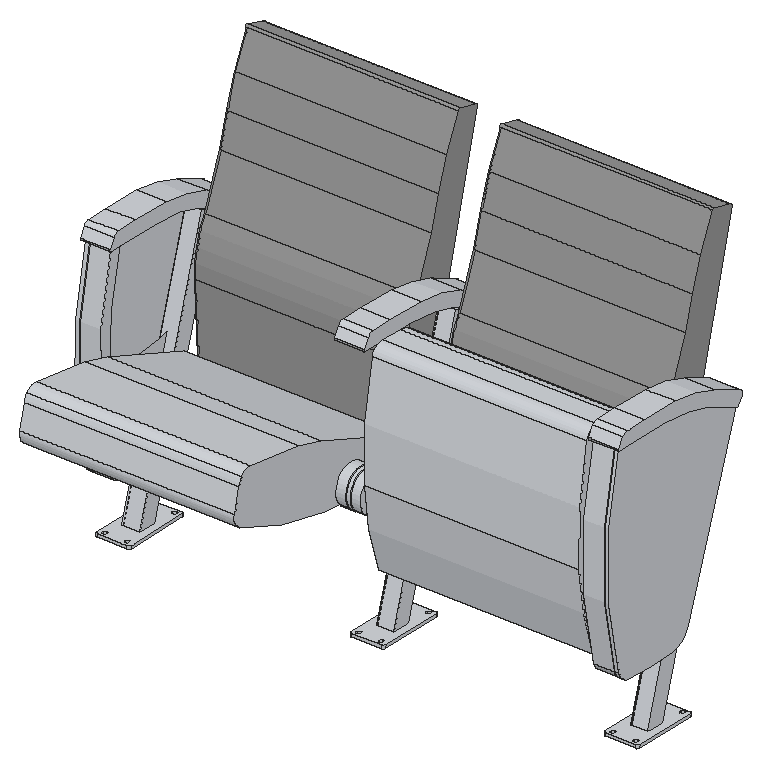
Revit family "78_BF-560-CBCS-L3", category Furniture Systems, Revit 2021
Family settings
  Round Connector Dimension = Use Diameter
  Part Type = Normal
  OmniClass Number = 23.40.00.00
  OmniClass Title = Equipment and Furnishings
  Work Plane-Based = No
  Always vertical = Yes
  Cut with Voids When Loaded = No
  Shared = Yes
  Room Calculation Point = No
Parameters (values of type "CC 560")
  Width CC = 560.0 mm
  Description = "BEAUFORT CB-CS, C;/C: 560"
  Default Elevation = 0.0 mm
  Ctr of seats = Width CC / 2  # 280.0 mm
Reference planes
  plane 1 "Center (Front/Back)": y = 0
  plane 2: z = 0
  plane 3 "Center (Left/Right)": x = 0
  plane 4 "R": x = -560
  plane 5 "L": x = 560
  plane 6 "seat Ctr": x = -280
  plane 7 "seat ctr": x = 280
  plane 8 "seat tp dn": z = 449.993
  plane 9: y = -115.902
  plane 10 "seat front": y = -385.162
  plane 11 "sizeline": y = -65
  plane 12 "BCK HGT": z = 900
  plane 13 "BACK 17 PITCH": y = 285.109
  plane 14 "PN RT": x = -588
  plane 15 "PN LF": x = 588
  plane 16: y = -144.891
Forms (mm)
  Extrusion 1, solid
    sketch origin (-280, -5, 0) x (0, 0, 1) y (0, -1, 0)
      loop
        arc (372.483, 378.824) -> (353.892, 377.023) -> (340.569, 363.932) r 28
        arc (340.569, 363.932) -> (295.132, 249.111) -> (267.912, 128.665) r 799.747
        arc (267.912, 128.665) -> (261.163, 35.733) -> (267.912, -57.198) r 643.245
        line (267.912, -57.198) -> (332.149, -72.794)
        arc (332.149, -72.794) -> (377.154, 30.728) -> (412.978, 137.774) r 1295.776
        arc (412.978, 137.774) -> (421.668, 169.373) -> (429.66, 201.155) r 1489.035
        arc (429.66, 201.155) -> (441.546, 267.316) -> (449.837, 334.023) r 1242.371
        arc (449.837, 334.023) -> (447.524, 348.164) -> (438.518, 359.308) r 28
        arc (438.518, 359.308) -> (430.581, 363.867) -> (421.834, 366.563) r 41.265
        line (421.834, 366.563) -> (372.483, 378.824)
    from -236 to 236
  Extrusion 2, solid
    sketch origin (280, -369.811, 163.809) x (0, 0.978148, 0.207912) y (0, -0.207912, 0.978148)
      loop
        arc (372.483, 383.824) -> (353.892, 382.023) -> (340.569, 368.932) r 28
        arc (340.569, 368.932) -> (295.132, 254.111) -> (267.912, 133.665) r 799.747
        arc (267.912, 133.665) -> (261.163, 40.733) -> (267.912, -52.198) r 643.245
        line (267.912, -52.198) -> (332.149, -67.794)
        arc (332.149, -67.794) -> (377.154, 35.728) -> (412.978, 142.774) r 1295.776
        arc (412.978, 142.774) -> (421.668, 174.373) -> (429.66, 206.155) r 1489.035
        arc (429.66, 206.155) -> (441.546, 272.316) -> (449.837, 339.023) r 1242.371
        arc (449.837, 339.023) -> (447.524, 353.164) -> (438.518, 364.308) r 28
        arc (438.518, 364.308) -> (430.581, 368.867) -> (421.834, 371.563) r 41.265
        line (421.834, 371.563) -> (372.483, 383.824)
    from -236 to 236
  Extrusion 3, solid
    sketch origin (0, 0, 0) x (1, 0, 0) y (0, 1, 0)
      loop
        line (-593, -75) -> (-527, -75)
        arc (-527, -75) -> (-523.464, -73.536) -> (-522, -70) r 5
        line (-522, -70) -> (-522, 70)
        arc (-522, 70) -> (-523.464, 73.536) -> (-527, 75) r 5
        line (-527, 75) -> (-593, 75)
        arc (-593, 75) -> (-596.536, 73.536) -> (-598, 70) r 5
        line (-598, 70) -> (-598, -70)
        arc (-598, -70) -> (-596.536, -73.536) -> (-593, -75) r 5
      loop
        circle (-535, 65) r 5
      loop
        circle (-535, -65) r 5
      loop
        circle (-585, 65) r 5
      loop
        circle (-585, -65) r 5
      loop
        line (-33, -75) -> (33, -75)
        arc (33, -75) -> (36.536, -73.536) -> (38, -70) r 5
        line (38, -70) -> (38, 70)
        arc (38, 70) -> (36.536, 73.536) -> (33, 75) r 5
        line (33, 75) -> (-33, 75)
        arc (-33, 75) -> (-36.536, 73.536) -> (-38, 70) r 5
        line (-38, 70) -> (-38, -70)
        arc (-38, -70) -> (-36.536, -73.536) -> (-33, -75) r 5
      loop
        circle (25, 65) r 5
      loop
        circle (25, -65) r 5
      loop
        circle (-25, 65) r 5
      loop
        circle (-25, -65) r 5
      loop
        line (527, -75) -> (593, -75)
        arc (593, -75) -> (596.536, -73.536) -> (598, -70) r 5
        line (598, -70) -> (598, 70)
        arc (598, 70) -> (596.536, 73.536) -> (593, 75) r 5
        line (593, 75) -> (527, 75)
        arc (527, 75) -> (523.464, 73.536) -> (522, 70) r 5
        line (522, 70) -> (522, -70)
        arc (522, -70) -> (523.464, -73.536) -> (527, -75) r 5
      loop
        circle (585, 65) r 5
      loop
        circle (585, -65) r 5
      loop
        circle (535, 65) r 5
      loop
        circle (535, -65) r 5
    from 0 to 6
  Sweep 4, solid
    path origin (-560, 0, 0) x (0, 1, 0) y (0, 0, 1)
      loop
        line (-24.107, 6) -> (146.935, 565.458)
    profile origin (-560, 61.414, 285.729) x (0, -0.956306, 0.292369) y (1, 0, 0)
      loop
        line (-38, 19) -> (-38, -19) -> (0, -19) -> (0, 19) -> (-38, 19)
      loop
        line (-36, 17) -> (-36, -17) -> (-2, -17) -> (-2, 17) -> (-36, 17)
  Sweep 5, solid
    path origin (0, 0, 0) x (0, 1, 0) y (0, 0, 1)
      loop
        line (-24.107, 6) -> (146.935, 565.458)
    profile origin (0, 61.414, 285.729) x (0, -0.956306, 0.292369) y (1, 0, 0)
      loop
        line (-38, 19) -> (-38, -19) -> (0, -19) -> (0, 19) -> (-38, 19)
      loop
        line (-36, 17) -> (-36, -17) -> (-2, -17) -> (-2, 17) -> (-36, 17)
  Sweep 6, solid
    path origin (560, 0, 0) x (0, 1, 0) y (0, 0, 1)
      loop
        line (-24.107, 6) -> (146.935, 565.458)
    profile origin (560, 61.414, 285.729) x (0, -0.956306, 0.292369) y (1, 0, 0)
      loop
        line (-38, 19) -> (-38, -19) -> (0, -19) -> (0, 19) -> (-38, 19)
      loop
        line (-36, 17) -> (-36, -17) -> (-2, -17) -> (-2, 17) -> (-36, 17)
  Extrusion 7, solid
    sketch origin (-588, 0, 0) x (0, 0, -1) y (0, -1, 0)
      loop
        arc (-549.246, -206.619) -> (-360.437, -144.446) -> (-174.152, -75.079) r 5182.801
        arc (-174.152, -75.079) -> (-152.212, -58.729) -> (-141.351, -33.615) r 53
        arc (-141.351, -33.615) -> (-136.481, 26.796) -> (-139.686, 87.318) r 454.857
        arc (-139.686, 87.318) -> (-147.386, 104.846) -> (-163.521, 115.15) r 33
        arc (-163.521, 115.15) -> (-384.693, 145.348) -> (-605.703, 113.992) r 809.516
        arc (-605.703, 113.992) -> (-605.748, 101.706) -> (-605.745, 89.419) r 3153.38
        arc (-605.745, 89.419) -> (-606.303, 41.6) -> (-606.241, -6.223) r 3684.707
        arc (-606.241, -6.223) -> (-604.559, -38.591) -> (-600.415, -70.737) r 425.045
        arc (-600.415, -70.737) -> (-593.936, -98.474) -> (-585.027, -125.529) r 321.495
        arc (-585.027, -125.529) -> (-567.968, -166.441) -> (-549.246, -206.619) r 1081.021
    from 0 to -10
  Extrusion 8, solid
    sketch origin (588, 0, 0) x (0, 0, 1) y (0, -1, 0)
      loop
        arc (549.246, -206.619) -> (567.968, -166.441) -> (585.027, -125.529) r 1081.021
        arc (585.027, -125.529) -> (593.936, -98.474) -> (600.415, -70.737) r 321.495
        arc (600.415, -70.737) -> (604.559, -38.591) -> (606.241, -6.223) r 425.045
        arc (606.241, -6.223) -> (606.303, 41.6) -> (605.745, 89.419) r 3684.707
        arc (605.745, 89.419) -> (605.748, 101.706) -> (605.703, 113.992) r 3153.38
        arc (605.703, 113.992) -> (384.693, 145.348) -> (163.521, 115.15) r 809.516
        arc (163.521, 115.15) -> (147.386, 104.846) -> (139.686, 87.318) r 33
        arc (139.686, 87.318) -> (136.481, 26.796) -> (141.351, -33.615) r 454.857
        arc (141.351, -33.615) -> (152.212, -58.729) -> (174.152, -75.079) r 53
        arc (174.152, -75.079) -> (360.437, -144.446) -> (549.246, -206.619) r 5182.801
    from 0 to -10
  Extrusion 9, solid
    sketch origin (560, 0, 0) x (0, 1, 0) y (0, 0, 1)
      loop
        arc (-88.598, 605.743) -> (-101.295, 605.749) -> (-113.992, 605.703) r 3153.38
        arc (-113.992, 605.703) -> (-145.348, 384.693) -> (-115.15, 163.521) r 809.516
        arc (-115.15, 163.521) -> (-102.618, 145.638) -> (-81.663, 139.496) r 33
        line (-81.663, 139.496) -> (-108.362, 242.222)
        arc (-108.362, 242.222) -> (-130.193, 300.819) -> (-118.421, 362.233) r 115.956
        arc (-118.421, 362.233) -> (-111.92, 485.018) -> (-88.598, 605.743) r 892.122
    from 18 to -27
  Extrusion 10, solid
    sketch origin (560, 0, 0) x (0, 1, 0) y (0, 0, 1)
      loop
        arc (120.215, 354.93) -> (33.559, 336.188) -> (-55.047, 339.294) r 358.365
        arc (-55.047, 339.294) -> (-115.495, 335.242) -> (-109.405, 274.965) r 42.134
        line (-109.405, 274.965) -> (95.768, 274.965) -> (120.215, 354.93)
    from -5 to 5
  Extrusion 11, solid
    sketch origin (560, 0, 0) x (0, 1, 0) y (0, 0, 1)
      loop
        arc (34.671, 636.449) -> (-8.037, 638.26) -> (-50.782, 637.873) r 830.775
        line (-50.782, 637.873) -> (-97.503, 636.575)
        arc (-97.503, 636.575) -> (-104.748, 634.477) -> (-110.056, 629.118) r 15
        line (-110.056, 629.118) -> (-121.5, 609.425)
        arc (-121.5, 609.425) -> (-121.501, 606.914) -> (-119.321, 605.669) r 2.5
        arc (-119.321, 605.669) -> (-104.37, 605.742) -> (-89.419, 605.745) r 3153.38
        arc (-89.419, 605.745) -> (-41.6, 606.303) -> (6.223, 606.241) r 3684.707
        arc (6.223, 606.241) -> (38.591, 604.559) -> (70.737, 600.415) r 425.045
        arc (70.737, 600.415) -> (98.474, 593.936) -> (125.529, 585.027) r 321.495
        arc (125.529, 585.027) -> (165.147, 568.538) -> (204.079, 550.489) r 1081.021
        arc (204.079, 550.489) -> (205.939, 550.355) -> (207.374, 551.545) r 2.5
        line (207.374, 551.545) -> (215.941, 567.363)
        arc (215.941, 567.363) -> (216.658, 574.813) -> (211.807, 580.513) r 9.598
        arc (211.807, 580.513) -> (177.981, 596.635) -> (143.524, 611.36) r 915.637
        arc (143.524, 611.36) -> (90.176, 628.586) -> (34.671, 636.449) r 327.046
    from -33 to 33
  Extrusion 12, solid
    sketch origin (555, 0, 0) x (0, -1, 0) y (0, 0, 1)
      loop
        line (49.773, 330.131) -> (49.773, 294.107)
        arc (49.773, 294.107) -> (50.534, 290.281) -> (52.701, 287.036) r 10
        line (52.701, 287.036) -> (61.844, 277.894)
        arc (61.844, 277.894) -> (65.125, 275.871) -> (68.915, 275.165) r 10.526
        line (68.915, 275.165) -> (104.939, 275.165)
        arc (104.939, 275.165) -> (109.268, 275.948) -> (113.05, 278.199) r 12.362
        arc (113.05, 278.199) -> (113.869, 337.057) -> (55.047, 339.294) r 42.134
        arc (55.047, 339.294) -> (51.185, 335.417) -> (49.773, 330.131) r 10.595
    from 0 to 22
  Extrusion 13, solid
    sketch origin (0, 0, 0) x (0, 1, 0) y (0, 0, 1)
      loop
        arc (120.215, 354.93) -> (33.559, 336.188) -> (-55.047, 339.294) r 358.365
        arc (-55.047, 339.294) -> (-115.495, 335.242) -> (-109.405, 274.965) r 42.134
        line (-109.405, 274.965) -> (95.768, 274.965) -> (120.215, 354.93)
    from -5 to 5
  Extrusion 14, solid
    sketch origin (-560, 0, 0) x (0, 1, 0) y (0, 0, 1)
      loop
        arc (120.215, 354.93) -> (33.559, 336.188) -> (-55.047, 339.294) r 358.365
        arc (-55.047, 339.294) -> (-115.495, 335.242) -> (-109.405, 274.965) r 42.134
        line (-109.405, 274.965) -> (95.768, 274.965) -> (120.215, 354.93)
    from -5 to 5
  Extrusion 15, solid
    sketch origin (5, 0, 0) x (0, 1, 0) y (0, 0, 1)
      loop
        arc (-49.773, 330.131) -> (-51.185, 335.417) -> (-55.047, 339.294) r 10.595
        arc (-55.047, 339.294) -> (-113.869, 337.057) -> (-113.05, 278.199) r 42.134
        arc (-113.05, 278.199) -> (-109.268, 275.948) -> (-104.939, 275.165) r 12.362
        line (-104.939, 275.165) -> (-68.915, 275.165)
        arc (-68.915, 275.165) -> (-65.125, 275.871) -> (-61.844, 277.894) r 10.526
        line (-61.844, 277.894) -> (-52.701, 287.036)
        arc (-52.701, 287.036) -> (-50.534, 290.281) -> (-49.773, 294.107) r 10
        line (-49.773, 294.107) -> (-49.773, 330.131)
    from 0 to 22
  Extrusion 16, solid
    sketch origin (-5, 0, 0) x (0, -1, 0) y (0, 0, 1)
      loop
        line (49.773, 330.131) -> (49.773, 294.107)
        arc (49.773, 294.107) -> (50.534, 290.281) -> (52.701, 287.036) r 10
        line (52.701, 287.036) -> (61.844, 277.894)
        arc (61.844, 277.894) -> (65.125, 275.871) -> (68.915, 275.165) r 10.526
        line (68.915, 275.165) -> (104.939, 275.165)
        arc (104.939, 275.165) -> (109.268, 275.948) -> (113.05, 278.199) r 12.362
        arc (113.05, 278.199) -> (113.869, 337.057) -> (55.047, 339.294) r 42.134
        arc (55.047, 339.294) -> (51.185, 335.417) -> (49.773, 330.131) r 10.595
    from 0 to 22
  Extrusion 17, solid
    sketch origin (-555, 0, 0) x (0, 1, 0) y (0, 0, 1)
      loop
        arc (-49.773, 330.131) -> (-51.185, 335.417) -> (-55.047, 339.294) r 10.595
        arc (-55.047, 339.294) -> (-113.869, 337.057) -> (-113.05, 278.199) r 42.134
        arc (-113.05, 278.199) -> (-109.268, 275.948) -> (-104.939, 275.165) r 12.362
        line (-104.939, 275.165) -> (-68.915, 275.165)
        arc (-68.915, 275.165) -> (-65.125, 275.871) -> (-61.844, 277.894) r 10.526
        line (-61.844, 277.894) -> (-52.701, 287.036)
        arc (-52.701, 287.036) -> (-50.534, 290.281) -> (-49.773, 294.107) r 10
        line (-49.773, 294.107) -> (-49.773, 330.131)
    from 0 to 22
  Extrusion 18, solid
    sketch origin (-560, 0, 0) x (0, 1, 0) y (0, 0, 1)
      loop
        arc (-88.598, 605.743) -> (-101.295, 605.749) -> (-113.992, 605.703) r 3153.38
        arc (-113.992, 605.703) -> (-145.348, 384.693) -> (-115.15, 163.521) r 809.516
        arc (-115.15, 163.521) -> (-102.618, 145.638) -> (-81.663, 139.496) r 33
        line (-81.663, 139.496) -> (-108.362, 242.222)
        arc (-108.362, 242.222) -> (-130.193, 300.819) -> (-118.421, 362.233) r 115.956
        arc (-118.421, 362.233) -> (-111.92, 485.018) -> (-88.598, 605.743) r 892.122
    from 27 to -18
  Extrusion 19, solid
    sketch origin (0, 0, 0) x (0, 1, 0) y (0, 0, 1)
      loop
        arc (34.671, 636.449) -> (-8.037, 638.26) -> (-50.782, 637.873) r 830.775
        line (-50.782, 637.873) -> (-97.503, 636.575)
        arc (-97.503, 636.575) -> (-104.748, 634.477) -> (-110.056, 629.118) r 15
        line (-110.056, 629.118) -> (-121.5, 609.425)
        arc (-121.5, 609.425) -> (-121.501, 606.914) -> (-119.321, 605.669) r 2.5
        arc (-119.321, 605.669) -> (-104.37, 605.742) -> (-89.419, 605.745) r 3153.38
        arc (-89.419, 605.745) -> (-41.6, 606.303) -> (6.223, 606.241) r 3684.707
        arc (6.223, 606.241) -> (38.591, 604.559) -> (70.737, 600.415) r 425.045
        arc (70.737, 600.415) -> (98.474, 593.936) -> (125.529, 585.027) r 321.495
        arc (125.529, 585.027) -> (165.147, 568.538) -> (204.079, 550.489) r 1081.021
        arc (204.079, 550.489) -> (205.939, 550.355) -> (207.374, 551.545) r 2.5
        line (207.374, 551.545) -> (215.941, 567.363)
        arc (215.941, 567.363) -> (216.658, 574.813) -> (211.807, 580.513) r 9.598
        arc (211.807, 580.513) -> (177.981, 596.635) -> (143.524, 611.36) r 915.637
        arc (143.524, 611.36) -> (90.176, 628.586) -> (34.671, 636.449) r 327.046
    from -33 to 33
  Extrusion 20, solid
    sketch origin (-560, 0, 0) x (0, 1, 0) y (0, 0, 1)
      loop
        arc (34.671, 636.449) -> (-8.037, 638.26) -> (-50.782, 637.873) r 830.775
        line (-50.782, 637.873) -> (-97.503, 636.575)
        arc (-97.503, 636.575) -> (-104.748, 634.477) -> (-110.056, 629.118) r 15
        line (-110.056, 629.118) -> (-121.5, 609.425)
        arc (-121.5, 609.425) -> (-121.501, 606.914) -> (-119.321, 605.669) r 2.5
        arc (-119.321, 605.669) -> (-104.37, 605.742) -> (-89.419, 605.745) r 3153.38
        arc (-89.419, 605.745) -> (-41.6, 606.303) -> (6.223, 606.241) r 3684.707
        arc (6.223, 606.241) -> (38.591, 604.559) -> (70.737, 600.415) r 425.045
        arc (70.737, 600.415) -> (98.474, 593.936) -> (125.529, 585.027) r 321.495
        arc (125.529, 585.027) -> (165.147, 568.538) -> (204.079, 550.489) r 1081.021
        arc (204.079, 550.489) -> (205.939, 550.355) -> (207.374, 551.545) r 2.5
        line (207.374, 551.545) -> (215.941, 567.363)
        arc (215.941, 567.363) -> (216.658, 574.813) -> (211.807, 580.513) r 9.598
        arc (211.807, 580.513) -> (177.981, 596.635) -> (143.524, 611.36) r 915.637
        arc (143.524, 611.36) -> (90.176, 628.586) -> (34.671, 636.449) r 327.046
    from -33 to 33
Dimensions and locks
  "Width CC": plane 3 "Center (Left/Right)" to plane 4 "R"
  "Width CC": plane 5 "L" to plane 3 "Center (Left/Right)"
  plane 3 "Center (Left/Right)" to plane 6 "seat Ctr" = 280.0 mm
  plane 7 "seat ctr" to plane 3 "Center (Left/Right)" = 280.0 mm
  plane 12 "BCK HGT" to level = 900.0 mm
  plane 13 "BACK 17 PITCH" to plane 11 "sizeline" = 350.109 mm
  plane 13 "BACK 17 PITCH" to plane 10 "seat front" = 670.271 mm
  plane 8 "seat tp dn" to level = 449.993 mm
  locked: plane 14 "PN RT" to plane 4 "R" at 28
  locked: plane 15 "PN LF" to plane 5 "L" at 28
  plane 13 "BACK 17 PITCH" to plane 16 = 430.0 mm
  aligned and locked: level to plane 2
  aligned and locked: Extrusion 18 to Extrusion 7
  aligned and locked: Extrusion 9 to Extrusion 8
Automatic sketch dimensions
  Extrusion 1 sketch curve to plane 10 "seat front" = 168.223 mm
  Extrusion 1 sketch curve to level = 1018.323 mm
  Extrusion 1 sketch curve to plane 10 "seat front" = 114.931 mm
  Extrusion 1 sketch curve to Extrusion 1 sketch curve = 185.766 mm
  Extrusion 1 sketch curve to Extrusion 1 sketch curve = 45.814 mm
  Extrusion 1 sketch curve to plane 1 "Center (Front/Back)" = 52.198 mm
  Extrusion 1 sketch curve to plane 8 "seat tp dn" = 182.082 mm
  Extrusion 1 sketch curve to Extrusion 1 sketch curve = 64.237 mm
  plane 10 "seat front" to Extrusion 1 sketch curve = 28.512 mm
  Extrusion 1 sketch curve to plane 8 "seat tp dn" = 84.262 mm
  plane 10 "seat front" to Extrusion 1 sketch curve = 1.338 mm
  Extrusion 1 sketch curve to Extrusion 1 sketch curve = 6.751 mm
  Extrusion 1 sketch curve to plane 8 "seat tp dn" = 35.867 mm
  plane 10 "seat front" to Extrusion 1 sketch curve = 13.599 mm
  Extrusion 1 sketch curve to plane 8 "seat tp dn" = 28.16 mm
  Extrusion 1 sketch curve to Extrusion 1 sketch curve = 7.841 mm
  Extrusion 1 sketch curve to plane 12 "BCK HGT" = 4.408 mm
  plane 1 "Center (Front/Back)" to Extrusion 1 sketch curve = 18.123 mm
  Extrusion 1 sketch curve to Extrusion 1 sketch curve = 154.86 mm
  Extrusion 1 sketch curve to Extrusion 1 sketch curve = 15.596 mm
  plane 1 "Center (Front/Back)" to Extrusion 1 sketch curve = 40.733 mm
  Extrusion 1 sketch curve to Extrusion 1 sketch curve = 40.538 mm
  Extrusion 1 sketch curve to Extrusion 1 sketch curve = 10.699 mm
  Extrusion 1 sketch curve to Extrusion 1 sketch curve = 41.255 mm
  Extrusion 1 sketch curve to Extrusion 1 sketch curve = 0.0 mm  (x3)
  Extrusion 1 sketch curve to plane 8 "seat tp dn" = 20.333 mm
  plane 8 "seat tp dn" to Extrusion 2 sketch curve = 43.387 mm
  Extrusion 2 sketch curve to plane 10 "seat front" = 1095.774 mm
  Extrusion 2 sketch curve to Extrusion 2 sketch curve = 185.766 mm
  Extrusion 2 sketch curve to Extrusion 2 sketch curve = 45.814 mm
  Extrusion 2 sketch curve to Extrusion 2 sketch curve = 1054.655 mm
  Extrusion 2 sketch curve to Extrusion 2 sketch curve = 64.237 mm
  Extrusion 2 sketch curve to Extrusion 2 sketch curve = 97.82 mm
  Extrusion 2 sketch curve to Extrusion 2 sketch curve = 6.751 mm
  Extrusion 2 sketch curve to Extrusion 2 sketch curve = 48.395 mm
  Extrusion 2 sketch curve to Extrusion 2 sketch curve = 7.707 mm
  Extrusion 2 sketch curve to Extrusion 2 sketch curve = 7.841 mm
  Extrusion 2 sketch curve to Extrusion 2 sketch curve = 482.441 mm
  Extrusion 2 sketch curve to Extrusion 2 sketch curve = 154.86 mm
  Extrusion 2 sketch curve to Extrusion 2 sketch curve = 53.292 mm
  Extrusion 2 sketch curve to Extrusion 2 sketch curve = 41.255 mm
  Extrusion 2 sketch curve to Extrusion 2 sketch curve = 75.014 mm
  Extrusion 2 sketch curve to Extrusion 2 sketch curve = 12.261 mm
  Extrusion 2 sketch curve to Extrusion 2 sketch curve = 27.174 mm
  Extrusion 2 sketch curve to Extrusion 2 sketch curve = 29.839 mm
  Extrusion 2 sketch curve to Extrusion 2 sketch curve = 10.699 mm
  Extrusion 2 sketch curve to Extrusion 2 sketch curve = 323.575 mm
  Extrusion 2 sketch curve to Extrusion 2 sketch curve = 22.61 mm
  Extrusion 2 sketch curve to Extrusion 2 sketch curve = 383.223 mm
  Extrusion 2 sketch curve to Extrusion 2 sketch curve = 15.596 mm
  Extrusion 2 sketch curve to Extrusion 2 sketch curve = 0.0 mm  (x3)
  Extrusion 2 sketch curve to Extrusion 2 sketch curve = 16.682 mm
  plane 11 "sizeline" to Extrusion 3 sketch curve = 0.0 mm  (x6)
  plane 14 "PN RT" to Extrusion 3 sketch curve = 10.0 mm
  plane 14 "PN RT" to Extrusion 3 sketch curve = 5.0 mm  (x2)
  Extrusion 3 sketch curve to plane 14 "PN RT" = 3.0 mm  (x2)
  plane 4 "R" to Extrusion 3 sketch curve = 25.0 mm  (x2)
  Extrusion 3 sketch curve to Extrusion 3 sketch curve = 8.0 mm  (x8)
  Extrusion 3 sketch curve to Extrusion 3 sketch curve = 5.0 mm  (x10)
  Extrusion 3 sketch curve to plane 3 "Center (Left/Right)" = 38.0 mm
  plane 3 "Center (Left/Right)" to Extrusion 3 sketch curve = 25.0 mm  (x2)
  Extrusion 3 sketch curve to plane 5 "L" = 38.0 mm
  Extrusion 3 sketch curve to plane 15 "PN LF" = 3.0 mm  (x2)
  plane 15 "PN LF" to Extrusion 3 sketch curve = 5.0 mm  (x2)
  plane 11 "sizeline" to Extrusion 3 sketch curve = 5.0 mm  (x3)
  Extrusion 3 sketch curve to plane 1 "Center (Front/Back)" = 65.0 mm  (x3)
  Extrusion 3 sketch curve to Extrusion 3 sketch curve = 0.0 mm  (x3)
  Sweep 4 sketch curve to profile plane = 0.0 mm
  profile plane to Sweep 4 sketch curve = 2.0 mm
  Sweep 4 sketch curve to Sweep 4 sketch curve = 34.0 mm
  Sweep 4 sketch curve to Sweep 4 sketch curve = 2.0 mm  (x3)
  Sweep 4 sketch curve to plane 4 "R" = 19.0 mm
  plane 4 "R" to Sweep 4 sketch curve = 17.0 mm
  level to Sweep 5 sketch curve = 6.0 mm
  plane 1 "Center (Front/Back)" to Sweep 5 sketch curve = 24.107 mm
  Sweep 5 sketch curve to plane 13 "BACK 17 PITCH" = 138.174 mm
  plane 8 "seat tp dn" to Sweep 5 sketch curve = 115.465 mm
  Sweep 5 sketch curve to profile plane = 0.0 mm
  profile plane to Sweep 5 sketch curve = 2.0 mm
  Sweep 5 sketch curve to plane 3 "Center (Left/Right)" = 17.0 mm
  Sweep 5 sketch curve to Sweep 5 sketch curve = 34.0 mm
  Sweep 5 sketch curve to Sweep 5 sketch curve = 2.0 mm  (x3)
  plane 3 "Center (Left/Right)" to Sweep 5 sketch curve = 17.0 mm
  level to Sweep 6 sketch curve = 6.0 mm
  plane 1 "Center (Front/Back)" to Sweep 6 sketch curve = 24.107 mm
  Sweep 6 sketch curve to plane 13 "BACK 17 PITCH" = 138.174 mm
  plane 8 "seat tp dn" to Sweep 6 sketch curve = 115.465 mm
  Sweep 6 sketch curve to profile plane = 0.0 mm
  profile plane to Sweep 6 sketch curve = 2.0 mm
  Sweep 6 sketch curve to Sweep 6 sketch curve = 34.0 mm
  Sweep 6 sketch curve to Sweep 6 sketch curve = 2.0 mm  (x3)
  Sweep 6 sketch curve to plane 5 "L" = 19.0 mm
  plane 5 "L" to Sweep 6 sketch curve = 17.0 mm
  plane 9 to Extrusion 9 sketch curve = 7.541 mm
  plane 9 to Extrusion 9 sketch curve = 19.57 mm
  plane 11 "sizeline" to Extrusion 9 sketch curve = 16.663 mm
  plane 1 "Center (Front/Back)" to Extrusion 9 sketch curve = 14.643 mm
  Extrusion 9 sketch curve to plane 8 "seat tp dn" = 73.422 mm
  Extrusion 9 sketch curve to plane 8 "seat tp dn" = 139.489 mm
  Extrusion 9 sketch curve to Extrusion 9 sketch curve = 68.282 mm
  Extrusion 9 sketch curve to plane 9 = 2.518 mm
  plane 9 to Extrusion 9 sketch curve = 1.91 mm
  plane 9 to Extrusion 10 sketch curve = 6.497 mm
  plane 11 "sizeline" to Extrusion 10 sketch curve = 18.312 mm
  Extrusion 10 sketch curve to plane 1 "Center (Front/Back)" = 1.714 mm
  Extrusion 10 sketch curve to plane 1 "Center (Front/Back)" = 95.768 mm
  Extrusion 10 sketch curve to Extrusion 10 sketch curve = 24.447 mm
  Extrusion 10 sketch curve to plane 8 "seat tp dn" = 175.028 mm
  Extrusion 10 sketch curve to Extrusion 10 sketch curve = 33.082 mm
  Extrusion 10 sketch curve to Extrusion 10 sketch curve = 79.964 mm
  plane 12 "BCK HGT" to Extrusion 10 sketch curve = 206.865 mm
  plane 10 "seat front" to Extrusion 11 sketch curve = 115.191 mm
  Extrusion 11 sketch curve to plane 9 = 83.069 mm
  Extrusion 11 sketch curve to plane 9 = 5.598 mm
  Extrusion 11 sketch curve to Extrusion 11 sketch curve = 2.162 mm
  plane 9 to Extrusion 11 sketch curve = 5.846 mm
  Extrusion 11 sketch curve to Extrusion 11 sketch curve = 12.553 mm
  Extrusion 11 sketch curve to Extrusion 11 sketch curve = 0.416 mm
  plane 9 to Extrusion 11 sketch curve = 19.57 mm
  Extrusion 11 sketch curve to plane 11 "sizeline" = 14.218 mm
  plane 1 "Center (Front/Back)" to Extrusion 11 sketch curve = 22.496 mm
  plane 1 "Center (Front/Back)" to Extrusion 11 sketch curve = 21.88 mm
  Extrusion 11 sketch curve to plane 1 "Center (Front/Back)" = 0.36 mm
  Extrusion 11 sketch curve to plane 1 "Center (Front/Back)" = 11.551 mm
  Extrusion 11 sketch curve to plane 1 "Center (Front/Back)" = 16.723 mm
  Extrusion 11 sketch curve to plane 13 "BACK 17 PITCH" = 79.933 mm
  Extrusion 11 sketch curve to Extrusion 11 sketch curve = 2.198 mm
  Extrusion 11 sketch curve to Extrusion 11 sketch curve = 2.326 mm
  Extrusion 11 sketch curve to Extrusion 11 sketch curve = 8.44 mm
  Extrusion 11 sketch curve to level = 3078.354 mm
  Extrusion 11 sketch curve to Extrusion 11 sketch curve = 530.727 mm
  Extrusion 11 sketch curve to level = 421.047 mm
  Extrusion 11 sketch curve to Extrusion 11 sketch curve = 183.238 mm
  Extrusion 11 sketch curve to Extrusion 11 sketch curve = 45.41 mm
  level to Extrusion 11 sketch curve = 181.236 mm
  Extrusion 11 sketch curve to Extrusion 11 sketch curve = 103.178 mm
  Extrusion 11 sketch curve to Extrusion 11 sketch curve = 25.481 mm
  plane 8 "seat tp dn" to Extrusion 11 sketch curve = 101.552 mm
  Extrusion 11 sketch curve to Extrusion 11 sketch curve = 1.191 mm
  Extrusion 11 sketch curve to Extrusion 11 sketch curve = 15.818 mm
  Extrusion 11 sketch curve to Extrusion 11 sketch curve = 4.571 mm
  plane 8 "seat tp dn" to Extrusion 11 sketch curve = 158.175 mm
  Extrusion 11 sketch curve to Extrusion 11 sketch curve = 1.256 mm
  Extrusion 11 sketch curve to Extrusion 11 sketch curve = 13.412 mm
  Extrusion 11 sketch curve to Extrusion 11 sketch curve = 7.537 mm
  Extrusion 11 sketch curve to Extrusion 11 sketch curve = 1.297 mm
  Extrusion 11 sketch curve to Extrusion 11 sketch curve = 0.0 mm
  Extrusion 11 sketch curve to Extrusion 11 sketch curve = 7.668 mm
  Extrusion 11 sketch curve to plane 1 "Center (Front/Back)" = 6.223 mm
  Extrusion 11 sketch curve to plane 1 "Center (Front/Back)" = 34.671 mm
  Extrusion 11 sketch curve to Extrusion 11 sketch curve = 36.067 mm
  Extrusion 11 sketch curve to Extrusion 11 sketch curve = 54.791 mm
  Extrusion 11 sketch curve to Extrusion 11 sketch curve = 17.995 mm
  Extrusion 12 sketch curve to Extrusion 10 = 0.2 mm
  Extrusion 12 sketch curve to Extrusion 12 sketch curve = 14.398 mm
  Extrusion 12 sketch curve to Extrusion 10 = 2.929 mm
  Extrusion 12 sketch curve to Extrusion 12 sketch curve = 7.071 mm  (x2)
  Extrusion 12 sketch curve to Extrusion 12 sketch curve = 22.944 mm
  Extrusion 12 sketch curve to Extrusion 12 sketch curve = 9.142 mm
  Extrusion 12 sketch curve to Extrusion 10 = 12.071 mm
  Extrusion 12 sketch curve to Extrusion 12 sketch curve = 10.595 mm
  Extrusion 12 sketch curve to Extrusion 12 sketch curve = 36.024 mm  (x2)
  Extrusion 12 sketch curve to Extrusion 12 sketch curve = 12.362 mm
  plane 9 to Extrusion 13 sketch curve = 6.497 mm
  plane 11 "sizeline" to Extrusion 13 sketch curve = 18.312 mm
  Extrusion 13 sketch curve to plane 1 "Center (Front/Back)" = 1.714 mm
  Extrusion 13 sketch curve to plane 1 "Center (Front/Back)" = 95.768 mm
  Extrusion 13 sketch curve to Extrusion 13 sketch curve = 24.447 mm
  Extrusion 13 sketch curve to plane 8 "seat tp dn" = 175.028 mm
  Extrusion 13 sketch curve to Extrusion 13 sketch curve = 33.082 mm
  Extrusion 13 sketch curve to Extrusion 13 sketch curve = 79.964 mm
  plane 12 "BCK HGT" to Extrusion 13 sketch curve = 206.865 mm
  plane 9 to Extrusion 14 sketch curve = 6.497 mm
  plane 11 "sizeline" to Extrusion 14 sketch curve = 18.312 mm
  Extrusion 14 sketch curve to plane 1 "Center (Front/Back)" = 1.714 mm
  Extrusion 14 sketch curve to plane 1 "Center (Front/Back)" = 95.768 mm
  Extrusion 14 sketch curve to Extrusion 14 sketch curve = 24.447 mm
  Extrusion 14 sketch curve to plane 8 "seat tp dn" = 175.028 mm
  Extrusion 14 sketch curve to Extrusion 14 sketch curve = 33.082 mm
  Extrusion 14 sketch curve to Extrusion 14 sketch curve = 79.964 mm
  plane 12 "BCK HGT" to Extrusion 14 sketch curve = 206.865 mm
  Extrusion 15 sketch curve to Extrusion 13 = 0.2 mm
  Extrusion 15 sketch curve to Extrusion 15 sketch curve = 21.626 mm
  Extrusion 15 sketch curve to Extrusion 13 = 10.726 mm
  Extrusion 15 sketch curve to Extrusion 15 sketch curve = 14.398 mm
  Extrusion 15 sketch curve to Extrusion 13 = 2.929 mm
  Extrusion 15 sketch curve to Extrusion 15 sketch curve = 22.944 mm
  Extrusion 15 sketch curve to Extrusion 15 sketch curve = 9.142 mm
  Extrusion 15 sketch curve to Extrusion 13 = 12.071 mm
  Extrusion 15 sketch curve to Extrusion 15 sketch curve = 7.071 mm
  Extrusion 15 sketch curve to Extrusion 15 sketch curve = 2.929 mm
  Extrusion 15 sketch curve to Extrusion 15 sketch curve = 12.362 mm
  Extrusion 15 sketch curve to Extrusion 15 sketch curve = 36.024 mm
  Extrusion 16 sketch curve to Extrusion 13 = 0.2 mm
  Extrusion 16 sketch curve to Extrusion 16 sketch curve = 14.398 mm
  Extrusion 16 sketch curve to Extrusion 13 = 2.929 mm
  Extrusion 16 sketch curve to Extrusion 16 sketch curve = 7.071 mm  (x2)
  Extrusion 16 sketch curve to Extrusion 16 sketch curve = 22.944 mm
  Extrusion 16 sketch curve to Extrusion 16 sketch curve = 9.142 mm
  Extrusion 16 sketch curve to Extrusion 13 = 12.071 mm
  Extrusion 16 sketch curve to Extrusion 16 sketch curve = 10.595 mm
  Extrusion 16 sketch curve to Extrusion 16 sketch curve = 36.024 mm  (x2)
  Extrusion 16 sketch curve to Extrusion 16 sketch curve = 12.362 mm
  Extrusion 14 to Extrusion 17 sketch curve = 0.2 mm
  Extrusion 17 sketch curve to Extrusion 17 sketch curve = 21.626 mm
  Extrusion 14 to Extrusion 17 sketch curve = 10.726 mm
  Extrusion 17 sketch curve to Extrusion 17 sketch curve = 14.398 mm
  Extrusion 14 to Extrusion 17 sketch curve = 2.929 mm
  Extrusion 17 sketch curve to Extrusion 17 sketch curve = 22.944 mm
  Extrusion 17 sketch curve to Extrusion 17 sketch curve = 9.142 mm
  Extrusion 14 to Extrusion 17 sketch curve = 12.071 mm
  Extrusion 17 sketch curve to Extrusion 17 sketch curve = 7.071 mm
  Extrusion 17 sketch curve to Extrusion 17 sketch curve = 2.929 mm
  Extrusion 17 sketch curve to Extrusion 17 sketch curve = 12.362 mm
  Extrusion 17 sketch curve to Extrusion 17 sketch curve = 36.024 mm
  plane 9 to Extrusion 18 sketch curve = 7.541 mm
  plane 9 to Extrusion 18 sketch curve = 19.57 mm
  plane 11 "sizeline" to Extrusion 18 sketch curve = 16.663 mm
  plane 1 "Center (Front/Back)" to Extrusion 18 sketch curve = 14.643 mm
  Extrusion 18 sketch curve to plane 8 "seat tp dn" = 73.422 mm
  Extrusion 18 sketch curve to plane 8 "seat tp dn" = 139.489 mm
  Extrusion 18 sketch curve to Extrusion 18 sketch curve = 68.282 mm
  Extrusion 18 sketch curve to plane 9 = 2.518 mm
  plane 9 to Extrusion 18 sketch curve = 1.91 mm
  plane 10 "seat front" to Extrusion 19 sketch curve = 115.191 mm
  Extrusion 19 sketch curve to plane 9 = 83.069 mm
  Extrusion 19 sketch curve to plane 9 = 5.598 mm
  Extrusion 19 sketch curve to Extrusion 19 sketch curve = 2.162 mm
  plane 9 to Extrusion 19 sketch curve = 5.846 mm
  Extrusion 19 sketch curve to Extrusion 19 sketch curve = 12.553 mm
  Extrusion 19 sketch curve to Extrusion 19 sketch curve = 0.416 mm
  plane 9 to Extrusion 19 sketch curve = 19.57 mm
  Extrusion 19 sketch curve to plane 11 "sizeline" = 14.218 mm
  plane 1 "Center (Front/Back)" to Extrusion 19 sketch curve = 22.496 mm
  plane 1 "Center (Front/Back)" to Extrusion 19 sketch curve = 21.88 mm
  Extrusion 19 sketch curve to plane 1 "Center (Front/Back)" = 0.36 mm
  Extrusion 19 sketch curve to plane 1 "Center (Front/Back)" = 11.551 mm
  Extrusion 19 sketch curve to plane 1 "Center (Front/Back)" = 16.723 mm
  Extrusion 19 sketch curve to plane 13 "BACK 17 PITCH" = 79.933 mm
  Extrusion 19 sketch curve to Extrusion 19 sketch curve = 2.198 mm
  Extrusion 19 sketch curve to Extrusion 19 sketch curve = 2.326 mm
  Extrusion 19 sketch curve to Extrusion 19 sketch curve = 8.44 mm
  Extrusion 19 sketch curve to level = 3078.354 mm
  Extrusion 19 sketch curve to Extrusion 19 sketch curve = 530.727 mm
  Extrusion 19 sketch curve to level = 421.047 mm
  Extrusion 19 sketch curve to Extrusion 19 sketch curve = 183.238 mm
  Extrusion 19 sketch curve to Extrusion 19 sketch curve = 45.41 mm
  level to Extrusion 19 sketch curve = 181.236 mm
  Extrusion 19 sketch curve to Extrusion 19 sketch curve = 103.178 mm
  Extrusion 19 sketch curve to Extrusion 19 sketch curve = 25.481 mm
  plane 8 "seat tp dn" to Extrusion 19 sketch curve = 101.552 mm
  Extrusion 19 sketch curve to Extrusion 19 sketch curve = 1.191 mm
  Extrusion 19 sketch curve to Extrusion 19 sketch curve = 15.818 mm
  Extrusion 19 sketch curve to Extrusion 19 sketch curve = 4.571 mm
  plane 8 "seat tp dn" to Extrusion 19 sketch curve = 158.175 mm
  Extrusion 19 sketch curve to Extrusion 19 sketch curve = 1.256 mm
  Extrusion 19 sketch curve to Extrusion 19 sketch curve = 13.412 mm
  Extrusion 19 sketch curve to Extrusion 19 sketch curve = 7.537 mm
  Extrusion 19 sketch curve to Extrusion 19 sketch curve = 1.297 mm
  Extrusion 19 sketch curve to Extrusion 19 sketch curve = 0.0 mm
  Extrusion 19 sketch curve to Extrusion 19 sketch curve = 7.668 mm
  Extrusion 19 sketch curve to plane 1 "Center (Front/Back)" = 6.223 mm
  Extrusion 19 sketch curve to plane 1 "Center (Front/Back)" = 34.671 mm
  Extrusion 19 sketch curve to Extrusion 19 sketch curve = 36.067 mm
  Extrusion 19 sketch curve to Extrusion 19 sketch curve = 54.791 mm
  Extrusion 19 sketch curve to Extrusion 19 sketch curve = 17.995 mm
  plane 10 "seat front" to Extrusion 20 sketch curve = 115.191 mm
  Extrusion 20 sketch curve to plane 9 = 83.069 mm
  Extrusion 20 sketch curve to plane 9 = 5.598 mm
  Extrusion 20 sketch curve to Extrusion 20 sketch curve = 2.162 mm
  plane 9 to Extrusion 20 sketch curve = 5.846 mm
  Extrusion 20 sketch curve to Extrusion 20 sketch curve = 12.553 mm
  Extrusion 20 sketch curve to Extrusion 20 sketch curve = 0.416 mm
  plane 9 to Extrusion 20 sketch curve = 19.57 mm
  Extrusion 20 sketch curve to plane 11 "sizeline" = 14.218 mm
  plane 1 "Center (Front/Back)" to Extrusion 20 sketch curve = 22.496 mm
  plane 1 "Center (Front/Back)" to Extrusion 20 sketch curve = 21.88 mm
  Extrusion 20 sketch curve to plane 1 "Center (Front/Back)" = 0.36 mm
  Extrusion 20 sketch curve to plane 1 "Center (Front/Back)" = 11.551 mm
  Extrusion 20 sketch curve to plane 1 "Center (Front/Back)" = 16.723 mm
  Extrusion 20 sketch curve to plane 13 "BACK 17 PITCH" = 79.933 mm
  Extrusion 20 sketch curve to Extrusion 20 sketch curve = 2.198 mm
  Extrusion 20 sketch curve to Extrusion 20 sketch curve = 2.326 mm
  Extrusion 20 sketch curve to Extrusion 20 sketch curve = 8.44 mm
  Extrusion 20 sketch curve to level = 3078.354 mm
  Extrusion 20 sketch curve to Extrusion 20 sketch curve = 530.727 mm
  Extrusion 20 sketch curve to level = 421.047 mm
  Extrusion 20 sketch curve to Extrusion 20 sketch curve = 183.238 mm
  Extrusion 20 sketch curve to Extrusion 20 sketch curve = 45.41 mm
  level to Extrusion 20 sketch curve = 181.236 mm
  Extrusion 20 sketch curve to Extrusion 20 sketch curve = 103.178 mm
  Extrusion 20 sketch curve to Extrusion 20 sketch curve = 25.481 mm
  plane 8 "seat tp dn" to Extrusion 20 sketch curve = 101.552 mm
  Extrusion 20 sketch curve to Extrusion 20 sketch curve = 1.191 mm
  Extrusion 20 sketch curve to Extrusion 20 sketch curve = 15.818 mm
  Extrusion 20 sketch curve to Extrusion 20 sketch curve = 4.571 mm
  plane 8 "seat tp dn" to Extrusion 20 sketch curve = 158.175 mm
  Extrusion 20 sketch curve to Extrusion 20 sketch curve = 1.256 mm
  Extrusion 20 sketch curve to Extrusion 20 sketch curve = 13.412 mm
  Extrusion 20 sketch curve to Extrusion 20 sketch curve = 7.537 mm
  Extrusion 20 sketch curve to Extrusion 20 sketch curve = 1.297 mm
  Extrusion 20 sketch curve to Extrusion 20 sketch curve = 0.0 mm
  Extrusion 20 sketch curve to Extrusion 20 sketch curve = 7.668 mm
  Extrusion 20 sketch curve to plane 1 "Center (Front/Back)" = 6.223 mm
  Extrusion 20 sketch curve to plane 1 "Center (Front/Back)" = 34.671 mm
  Extrusion 20 sketch curve to Extrusion 20 sketch curve = 36.067 mm
  Extrusion 20 sketch curve to Extrusion 20 sketch curve = 54.791 mm
  Extrusion 20 sketch curve to Extrusion 20 sketch curve = 17.995 mm
  Extrusion 7 sketch curve to plane 12 "BCK HGT" = 1175.567 mm
  Extrusion 7 sketch curve to plane 11 "sizeline" = 31.945 mm
  plane 8 "seat tp dn" to Extrusion 7 sketch curve = 141.302 mm
  Extrusion 7 sketch curve to plane 8 "seat tp dn" = 67.42 mm
  Extrusion 7 sketch curve to plane 1 "Center (Front/Back)" = 11.551 mm
  Extrusion 7 sketch curve to plane 1 "Center (Front/Back)" = 25.847 mm
  Extrusion 7 sketch curve to Extrusion 7 sketch curve = 90.636 mm
  Extrusion 7 sketch curve to plane 1 "Center (Front/Back)" = 0.36 mm
  Extrusion 7 sketch curve to Extrusion 7 sketch curve = 12.542 mm
  plane 11 "sizeline" to Extrusion 7 sketch curve = 18.381 mm
  Extrusion 7 sketch curve to Extrusion 7 sketch curve = 8.786 mm
  plane 10 "seat front" to Extrusion 7 sketch curve = 115.191 mm
  Extrusion 7 sketch curve to level = 421.047 mm
  plane 9 to Extrusion 7 sketch curve = 19.57 mm
  plane 1 "Center (Front/Back)" to Extrusion 7 sketch curve = 22.496 mm
  Extrusion 7 sketch curve to Extrusion 7 sketch curve = 530.727 mm
  Extrusion 7 sketch curve to plane 1 "Center (Front/Back)" = 6.223 mm
  Extrusion 7 sketch curve to Extrusion 7 sketch curve = 14.945 mm
  plane 11 "sizeline" to Extrusion 7 sketch curve = 24.419 mm
  plane 9 to Extrusion 7 sketch curve = 1.91 mm
  Extrusion 7 sketch curve to Extrusion 7 sketch curve = 5.826 mm
  Extrusion 7 sketch curve to Extrusion 7 sketch curve = 15.387 mm
  Extrusion 7 sketch curve to plane 13 "BACK 17 PITCH" = 78.49 mm
  Extrusion 7 sketch curve to Extrusion 7 sketch curve = 19.627 mm
  plane 9 to Extrusion 7 sketch curve = 0.753 mm
  Extrusion 7 sketch curve to Extrusion 7 sketch curve = 8.93 mm
  Extrusion 7 sketch curve to Extrusion 7 sketch curve = 0.0 mm  (x3)
  plane 11 "sizeline" to Extrusion 7 sketch curve = 22.318 mm
  plane 1 "Center (Front/Back)" to Extrusion 8 sketch curve = 22.496 mm
  Extrusion 8 sketch curve to level = 3078.354 mm
  plane 9 to Extrusion 8 sketch curve = 19.57 mm
  Extrusion 8 sketch curve to Extrusion 8 sketch curve = 530.727 mm
  plane 10 "seat front" to Extrusion 8 sketch curve = 115.191 mm
  Extrusion 8 sketch curve to level = 421.047 mm
  plane 11 "sizeline" to Extrusion 8 sketch curve = 18.381 mm
  Extrusion 8 sketch curve to plane 1 "Center (Front/Back)" = 0.36 mm
  Extrusion 8 sketch curve to Extrusion 8 sketch curve = 8.786 mm
  Extrusion 8 sketch curve to Extrusion 8 sketch curve = 12.542 mm
  Extrusion 8 sketch curve to plane 1 "Center (Front/Back)" = 11.551 mm
  Extrusion 8 sketch curve to Extrusion 8 sketch curve = 90.636 mm
  Extrusion 8 sketch curve to plane 8 "seat tp dn" = 67.42 mm
  Extrusion 8 sketch curve to plane 11 "sizeline" = 31.945 mm
  plane 8 "seat tp dn" to Extrusion 8 sketch curve = 141.302 mm
  Extrusion 8 sketch curve to plane 12 "BCK HGT" = 1175.567 mm
  Extrusion 8 sketch curve to plane 1 "Center (Front/Back)" = 25.847 mm
  Extrusion 8 sketch curve to plane 10 "seat front" = 4361.174 mm
  Extrusion 8 sketch curve to Extrusion 8 sketch curve = 32.764 mm
  Extrusion 8 sketch curve to Extrusion 8 sketch curve = 0.0 mm  (x3)
  plane 9 to Extrusion 8 sketch curve = 0.753 mm
  Extrusion 8 sketch curve to Extrusion 8 sketch curve = 8.93 mm
  Extrusion 8 sketch curve to Extrusion 8 sketch curve = 32.801 mm
  Extrusion 8 sketch curve to plane 13 "BACK 17 PITCH" = 78.49 mm
  Extrusion 8 sketch curve to Extrusion 8 sketch curve = 35.782 mm
  Extrusion 8 sketch curve to Extrusion 8 sketch curve = 15.387 mm
  Extrusion 8 sketch curve to Extrusion 8 sketch curve = 14.408 mm
  Extrusion 8 sketch curve to Extrusion 8 sketch curve = 0.042 mm
  Extrusion 18 sketch curve to Extrusion 18 sketch curve = 25.394 mm
  Extrusion 18 sketch curve to Extrusion 18 sketch curve = 102.727 mm
  plane 11 "sizeline" to Extrusion 18 sketch curve = 18.381 mm
  Extrusion 18 sketch curve to plane 8 "seat tp dn" = 67.42 mm
  Extrusion 18 sketch curve to Extrusion 18 sketch curve = 109.42 mm
  Extrusion 18 sketch curve to Extrusion 18 sketch curve = 32.955 mm
  plane 9 to Extrusion 18 sketch curve = 0.753 mm
  Extrusion 18 sketch curve to Extrusion 18 sketch curve = 0.0 mm
  plane 13 "BACK 17 PITCH" to Extrusion 9 sketch curve = 488.477 mm
  Extrusion 9 sketch curve to Extrusion 9 sketch curve = 25.394 mm
  Extrusion 9 sketch curve to Extrusion 9 sketch curve = 109.42 mm
  Extrusion 9 sketch curve to plane 8 "seat tp dn" = 67.42 mm
  plane 9 to Extrusion 9 sketch curve = 0.753 mm
  Extrusion 9 sketch curve to Extrusion 9 sketch curve = 24.026 mm
  plane 11 "sizeline" to Extrusion 9 sketch curve = 18.381 mm
  Extrusion 9 sketch curve to Extrusion 9 sketch curve = 0.0 mm
  radius of Extrusion 3 sketch curve = 5.0 mm  (x12)
  radius of Extrusion 12 sketch curve to Extrusion 10 = 0.0 mm
  radius of Extrusion 15 sketch curve to Extrusion 13 = 0.0 mm
  radius of Extrusion 16 sketch curve to Extrusion 13 = 0.0 mm
  radius of Extrusion 17 sketch curve to Extrusion 14 = 0.0 mm
Nested families
  nested 1: "BC-560-BF-L3" at (-280, 220.441, 579.994) x (0, -0.2567, -0.9665) z (1, 0, 0), type "B3254"
  nested 2: "BC-560-BF-L3" at (280, 220.441, 579.994) x (0, -0.2567, -0.9665) z (1, 0, 0), type "B3254"
Definition of nested family "BC-560-BF-L3"
  Parameters (values of type "B3254")
    Description = "Beaufort Back (CB), c/c:560-CAL 117 (TEXTURE BLACK)"
    Default Elevation = 1219.2 mm
  Reference planes
    plane 1 "Center (Front/Back)": y = 0
    plane 2: z = 0
    plane 3 "Center (Left/Right)": x = 0
    plane 4 "Front": y = -50
  Forms (mm)
    Extrusion 1, solid
      sketch origin (0, 0, 0) x (1, 0, 0) y (0, 1, 0)
        loop
          arc (-315.276, -62.132) -> (-314.084, -65.345) -> (-311.104, -67.036) r 5
          line (-311.104, -67.036) -> (-231.703, -80.355)
          arc (-231.703, -80.355) -> (-196.525, -83.807) -> (-161.179, -84.011) r 383.961
          line (-161.179, -84.011) -> (-89.961, -84.967)
          arc (-89.961, -84.967) -> (-32.888, -89.384) -> (23.782, -97.473) r 887
          arc (23.782, -97.473) -> (85.214, -105.218) -> (146.015, -93.511) r 197
          line (146.015, -93.511) -> (299.153, -45.398)
          arc (299.153, -45.398) -> (301.629, -43.661) -> (302.651, -40.814) r 5
          line (302.651, -40.814) -> (303.591, -15.513)
          arc (303.591, -15.513) -> (302.354, -12.031) -> (299.065, -10.349) r 5
          arc (299.065, -10.349) -> (-6.109, 2.917) -> (-311.051, -14.887) r 3003
          arc (-311.051, -14.887) -> (-314.238, -16.53) -> (-315.506, -19.885) r 5
          line (-315.506, -19.885) -> (-315.276, -62.132)
      from -235 to 235
    Sweep 2, void
      path in 3D
        loop
          line (-311.104, -67.036, -235) -> (-231.703, -80.355, -235)
          arc (-231.703, -80.355, -235) -> (-196.525, -83.807, -235) -> (-161.179, -84.011, -235) r 383.961
          line (-161.179, -84.011, -235) -> (-89.961, -84.967, -235)
          arc (-89.961, -84.967, -235) -> (-32.888, -89.384, -235) -> (23.782, -97.473, -235) r 887
          arc (23.782, -97.473, -235) -> (85.214, -105.218, -235) -> (146.015, -93.511, -235) r 197
          line (146.015, -93.511, -235) -> (299.153, -45.398, -235)
      profile origin (-271.403, -73.695, -235) x (-0.165425, -0.986222, 0) y (0, 0, -1)
        loop
          arc (-5, 0) -> (-1.464, -1.464) -> (0, -5) r 5
          line (0, -5) -> (2.145, -5) -> (2.145, 1.395) -> (-5, 1.395) -> (-5, 0)
    Sweep 3, void
      path in 3D
        loop
          line (-311.104, -67.036, 235) -> (-231.703, -80.355, 235)
          arc (-231.703, -80.355, 235) -> (-196.525, -83.807, 235) -> (-161.179, -84.011, 235) r 383.961
          line (-161.179, -84.011, 235) -> (-89.961, -84.967, 235)
          arc (-89.961, -84.967, 235) -> (-32.888, -89.384, 235) -> (23.782, -97.473, 235) r 887
          arc (23.782, -97.473, 235) -> (85.214, -105.218, 235) -> (146.015, -93.511, 235) r 197
          line (146.015, -93.511, 235) -> (299.153, -45.398, 235)
      profile origin (-271.403, -73.695, 235) x (0.165425, 0.986222, 0) y (0, 0, 1)
        loop
          line (5, 0) -> (5, 1.395) -> (-2.145, 1.395) -> (-2.145, -5) -> (0, -5)
          arc (0, -5) -> (1.464, -1.464) -> (5, 0) r 5
  Cuts and joins
    Sweep 2 cuts Extrusion 1
  Lines and regions (mm)
    sketch lines
      curve 1: line (-311.104, -67.036, -235) -> (-231.703, -80.355, -235)
      curve 2: arc (-161.179, -84.011, -235) -> (-196.525, -83.807, -235) -> (-231.703, -80.355, -235) r 383.961
      curve 3: line (-161.179, -84.011, -235) -> (-89.961, -84.967, -235)
      curve 4: arc (23.782, -97.473, -235) -> (-32.888, -89.384, -235) -> (-89.961, -84.967, -235) r 887
      curve 5: arc (146.015, -93.511, -235) -> (85.214, -105.218, -235) -> (23.782, -97.473, -235) r 197
      curve 6: line (146.015, -93.511, -235) -> (299.153, -45.398, -235)
      curve 7: line (-311.104, -67.036, 235) -> (-231.703, -80.355, 235)
      curve 8: arc (-161.179, -84.011, 235) -> (-196.525, -83.807, 235) -> (-231.703, -80.355, 235) r 383.961
      curve 9: line (-161.179, -84.011, 235) -> (-89.961, -84.967, 235)
      curve 10: arc (23.782, -97.473, 235) -> (-32.888, -89.384, 235) -> (-89.961, -84.967, 235) r 887
      curve 11: arc (146.015, -93.511, 235) -> (85.214, -105.218, 235) -> (23.782, -97.473, 235) r 197
      curve 12: line (146.015, -93.511, 235) -> (299.153, -45.398, 235)
  Dimensions and locks
    aligned and locked: level to plane 2
